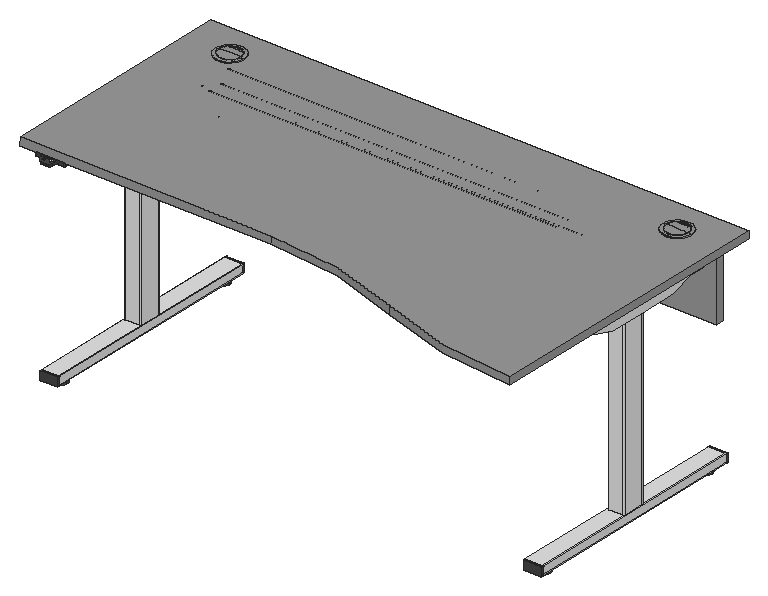
Revit family "Wave Desk with Cable Ports - RH", category Furniture, Revit 2016 (continued)
Definition of nested family "Cable Tray"
  Lines and regions (mm)
    sketch lines
      curve 156: arc (-300, 330.808, 613.5) -> (-300, 332.571, 614.073) -> (-300, 333.661, 615.573) r 3
      curve 164: line (-400, 330.808, 613.5) -> (-400, 247.192, 613.5)
      curve 165: arc (-400, 247.192, 613.5) -> (-400, 245.429, 614.073) -> (-400, 244.339, 615.573) r 3
      curve 166: line (-400, 244.339, 615.573) -> (-400, 236.24, 640.5)
      curve 167: line (-400, 333.661, 615.573) -> (-400, 341.76, 640.5)
      curve 168: arc (-400, 330.808, 613.5) -> (-400, 332.571, 614.073) -> (-400, 333.661, 615.573) r 3
      curve 176: line (-500, 330.808, 613.5) -> (-500, 247.192, 613.5)
      curve 177: arc (-500, 247.192, 613.5) -> (-500, 245.429, 614.073) -> (-500, 244.339, 615.573) r 3
      curve 178: line (-500, 244.339, 615.573) -> (-500, 236.24, 640.5)
      curve 179: line (-500, 333.661, 615.573) -> (-500, 341.76, 640.5)
      curve 180: arc (-500, 330.808, 613.5) -> (-500, 332.571, 614.073) -> (-500, 333.661, 615.573) r 3
      curve 188: line (-600, 330.808, 613.5) -> (-600, 247.192, 613.5)
      curve 189: arc (-600, 247.192, 613.5) -> (-600, 245.429, 614.073) -> (-600, 244.339, 615.573) r 3
      curve 190: line (-600, 244.339, 615.573) -> (-600, 236.24, 640.5)
      curve 191: line (-600, 333.661, 615.573) -> (-600, 341.76, 640.5)
      curve 192: arc (-600, 330.808, 613.5) -> (-600, 332.571, 614.073) -> (-600, 333.661, 615.573) r 3
      curve 200: line (-700, 330.808, 613.5) -> (-700, 247.192, 613.5)
      curve 201: arc (-700, 247.192, 613.5) -> (-700, 245.429, 614.073) -> (-700, 244.339, 615.573) r 3
      curve 202: line (-700, 244.339, 615.573) -> (-700, 236.24, 640.5)
      curve 203: line (-700, 333.661, 615.573) -> (-700, 341.76, 640.5)
      curve 204: arc (-700, 330.808, 613.5) -> (-700, 332.571, 614.073) -> (-700, 333.661, 615.573) r 3
      curve 212: line (-200, 330.808, 613.5) -> (-200, 247.192, 613.5)
      curve 213: arc (-200, 247.192, 613.5) -> (-200, 245.429, 614.073) -> (-200, 244.339, 615.573) r 3
      curve 214: line (-200, 244.339, 615.573) -> (-200, 236.24, 640.5)
      curve 215: line (-200, 333.661, 615.573) -> (-200, 341.76, 640.5)
      curve 216: arc (-200, 330.808, 613.5) -> (-200, 332.571, 614.073) -> (-200, 333.661, 615.573) r 3
    sketch lines, not visible
      curve 20: line (0, 318.719, 618.385) -> (0, 235.103, 618.385)
      curve 21: arc (0, 235.103, 618.385) -> (0, 233.34, 618.958) -> (0, 232.25, 620.458) r 3
      curve 22: line (0, 232.25, 620.458) -> (0, 224.151, 645.385)
      curve 23: line (0, 321.572, 620.458) -> (0, 329.671, 645.385)
      curve 24: arc (0, 318.719, 618.385) -> (0, 320.482, 618.958) -> (0, 321.572, 620.458) r 3
  Dimensions and locks
    equal spacing: plane 4, plane 3 "Center (Left/Right)", plane 5
    "Width": plane 4 to plane 5
    equal spacing: plane 7, plane 1 "Center (Front/Back)", plane 8
    locked: plane 7 to plane 8 at 800
    locked: plane 2 to plane 9 "Foot" at 15
    "HeightControl": plane 10 to level
    locked: plane 10 to plane 6 "Desktop Underside" at 25
    locked: plane 4 to plane 11 "Cable Tray Left" at 100
    locked: plane 12 "Cable Tray Right" to plane 5 at 100
    equal spacing: curve 3, curve 51, curve 123, curve 63, curve 75, curve 87, curve 99, curve 111, curve 27
    equal spacing: curve 39, curve 195, curve 183, curve 171, curve 159, curve 147, curve 207, curve 135, curve 3
    locked: plane 6 "Desktop Underside" to Extrusion 1 at 61.5
    locked: plane 7 to Extrusion 1 at 53.5
    locked: plane 6 "Desktop Underside" to Sweep 5 at 61.964
    locked: plane 6 "Desktop Underside" to Sweep 18 at 61.964
    locked: plane 6 "Desktop Underside" to Sweep 17 at 61.964
    locked: plane 6 "Desktop Underside" to Sweep 16 at 61.964
    locked: plane 6 "Desktop Underside" to Sweep 15 at 61.964
    locked: plane 6 "Desktop Underside" to Sweep 14 at 61.964
    locked: plane 6 "Desktop Underside" to Sweep 19 at 61.964
    locked: plane 6 "Desktop Underside" to Sweep 13 at 61.964
    locked: plane 6 "Desktop Underside" to Sweep 2 at 61.964
    locked: plane 6 "Desktop Underside" to Sweep 6 at 61.964
    locked: plane 6 "Desktop Underside" to Sweep 12 at 61.964
    locked: plane 6 "Desktop Underside" to Sweep 7 at 61.964
    locked: plane 6 "Desktop Underside" to Sweep 8 at 61.964
    locked: plane 6 "Desktop Underside" to Sweep 9 at 61.964
    locked: plane 6 "Desktop Underside" to Sweep 10 at 61.964
    locked: plane 6 "Desktop Underside" to Sweep 11 at 61.964
    locked: plane 6 "Desktop Underside" to Sweep 4 at 61.964
    locked: plane 7 to Extrusion 20 at 50.5
    locked: Extrusion 20 to plane 12 "Cable Tray Right" at 160
    locked: Extrusion 20 to Extrusion 20 at 25
    locked: Extrusion 21 to Extrusion 21 at 25
    locked: plane 11 "Cable Tray Left" to Extrusion 21 at 160
    aligned and locked: level to plane 2
    aligned and locked: Extrusion 1 to plane 12 "Cable Tray Right"
    aligned and locked: Extrusion 1 to plane 11 "Cable Tray Left"
    aligned and locked: plane 12 "Cable Tray Right" to curve 27
    aligned and locked: curve 39 to plane 11 "Cable Tray Left"
    aligned and locked: plane 6 "Desktop Underside" to Extrusion 20
  Automatic sketch dimensions
    Sweep 2 sketch curve to profile plane = 0 mm  (x2)
    Sweep 3 sketch curve to profile plane = 0 mm  (x2)
    Sweep 4 sketch curve to profile plane = 0 mm  (x2)
    Sweep 5 sketch curve to profile plane = 0 mm  (x2)
    Sweep 6 sketch curve to profile plane = 0 mm  (x2)
    Sweep 7 sketch curve to profile plane = 0 mm  (x2)
    Sweep 8 sketch curve to profile plane = 0 mm  (x2)
    Sweep 9 sketch curve to profile plane = 0 mm  (x2)
    Sweep 10 sketch curve to profile plane = 0 mm  (x2)
    Sweep 11 sketch curve to profile plane = 0 mm  (x2)
    Sweep 12 sketch curve to profile plane = 0 mm  (x2)
    Sweep 13 sketch curve to profile plane = 0 mm  (x2)
    Sweep 14 sketch curve to profile plane = 0 mm  (x2)
    Sweep 15 sketch curve to profile plane = 0 mm  (x2)
    Sweep 16 sketch curve to profile plane = 0 mm  (x2)
    Sweep 17 sketch curve to profile plane = 0 mm  (x2)
    Sweep 18 sketch curve to profile plane = 0 mm  (x2)
    Sweep 19 sketch curve to profile plane = 0 mm  (x2)
    Extrusion 1 sketch curve to plane 6 "Desktop Underside" = 61.5 mm  (x2)
    Extrusion 1 sketch curve to plane 7 = 167 mm
    Extrusion 1 sketch curve to Extrusion 1 sketch curve = 31 mm  (x2)
    Extrusion 1 sketch curve to Extrusion 1 sketch curve = 50 mm
    Extrusion 1 sketch curve to Extrusion 1 sketch curve = 30 mm  (x2)
    Extrusion 20 sketch curve to Extrusion 20 sketch curve = 0 mm  (x11)
    Extrusion 20 sketch curve to plane 6 "Desktop Underside" = 0 mm
    Extrusion 20 sketch curve to plane 6 "Desktop Underside" = 31.5 mm
    Extrusion 20 sketch curve to plane 7 = 171.565 mm
    Extrusion 20 sketch curve to Extrusion 20 sketch curve = 0.065 mm  (x2)
    Extrusion 20 sketch curve to Extrusion 20 sketch curve = 3 mm  (x4)
    Extrusion 20 sketch curve to Extrusion 20 sketch curve = 1.5 mm  (x4)
    Extrusion 20 sketch curve to Extrusion 20 sketch curve = 2.634 mm
    Extrusion 20 sketch curve to Extrusion 20 sketch curve = 0.049 mm  (x2)
    Extrusion 20 sketch curve to Extrusion 20 sketch curve = 39.801 mm
    Extrusion 20 sketch curve to Extrusion 20 sketch curve = 6 mm  (x2)
    Extrusion 20 sketch curve to Extrusion 20 sketch curve = 54.484 mm
    Extrusion 20 sketch curve to plane 6 "Desktop Underside" = 5 mm  (x2)
    Extrusion 20 sketch curve to Extrusion 20 sketch curve = 12 mm
    Extrusion 20 sketch curve to Extrusion 20 sketch curve = 36.451 mm
    Extrusion 20 sketch curve to Extrusion 20 sketch curve = 0.35 mm
    Extrusion 20 sketch curve to Extrusion 20 sketch curve = 0.016 mm
    Extrusion 20 sketch curve to plane 6 "Desktop Underside" = 56.074 mm
    Extrusion 20 sketch curve to Extrusion 20 sketch curve = 20.781 mm
    Extrusion 20 sketch curve to Extrusion 20 sketch curve = 5 mm  (x3)
    Extrusion 20 sketch curve to Extrusion 20 sketch curve = 5.426 mm
    Extrusion 20 sketch curve to Extrusion 20 sketch curve = 81.082 mm
    Extrusion 20 sketch curve to Extrusion 20 sketch curve = 3.312 mm
    Extrusion 20 sketch curve to Extrusion 20 sketch curve = 20.355 mm
    Extrusion 20 sketch curve to Extrusion 20 sketch curve = 2 mm  (x2)
    Extrusion 20 sketch curve to Extrusion 20 sketch curve = 0.293 mm  (x2)
    Extrusion 20 sketch curve to Extrusion 20 sketch curve = 3.101 mm
    Extrusion 20 sketch curve to plane 6 "Desktop Underside" = 8.101 mm
    Extrusion 20 sketch curve to Extrusion 20 sketch curve = 0.033 mm
    Extrusion 20 sketch curve to Extrusion 20 sketch curve = 1.263 mm
    Extrusion 21 sketch curve to Extrusion 21 sketch curve = 0 mm  (x11)
    Extrusion 21 sketch curve to plane 6 "Desktop Underside" = 0 mm
    Extrusion 21 sketch curve to plane 6 "Desktop Underside" = 31.5 mm
    Extrusion 21 sketch curve to plane 7 = 171.565 mm
    Extrusion 21 sketch curve to Extrusion 21 sketch curve = 0.065 mm  (x2)
    Extrusion 21 sketch curve to Extrusion 21 sketch curve = 3 mm  (x4)
    Extrusion 21 sketch curve to Extrusion 21 sketch curve = 1.5 mm  (x4)
    Extrusion 21 sketch curve to Extrusion 21 sketch curve = 2.634 mm
    Extrusion 21 sketch curve to Extrusion 21 sketch curve = 0.049 mm  (x2)
    Extrusion 21 sketch curve to Extrusion 21 sketch curve = 39.801 mm
    Extrusion 21 sketch curve to Extrusion 21 sketch curve = 6 mm  (x2)
    Extrusion 21 sketch curve to Extrusion 21 sketch curve = 54.484 mm
    Extrusion 21 sketch curve to plane 6 "Desktop Underside" = 5 mm  (x2)
    Extrusion 21 sketch curve to Extrusion 21 sketch curve = 12 mm
    Extrusion 21 sketch curve to Extrusion 21 sketch curve = 36.451 mm
    Extrusion 21 sketch curve to Extrusion 21 sketch curve = 0.35 mm
    Extrusion 21 sketch curve to Extrusion 21 sketch curve = 0.016 mm
    Extrusion 21 sketch curve to Extrusion 21 sketch curve = 3.101 mm  (x2)
    Extrusion 21 sketch curve to plane 6 "Desktop Underside" = 24.207 mm
    Extrusion 21 sketch curve to Extrusion 21 sketch curve = 7.293 mm
    Extrusion 21 sketch curve to Extrusion 21 sketch curve = 0.293 mm  (x2)
    Extrusion 21 sketch curve to Extrusion 21 sketch curve = 5 mm  (x3)
    Extrusion 21 sketch curve to Extrusion 21 sketch curve = 2 mm
    Extrusion 21 sketch curve to Extrusion 21 sketch curve = 20.355 mm
    Extrusion 21 sketch curve to Extrusion 21 sketch curve = 20.781 mm
    Extrusion 21 sketch curve to Extrusion 21 sketch curve = 5.426 mm
    Extrusion 21 sketch curve to Extrusion 21 sketch curve = 81.082 mm
    Extrusion 21 sketch curve to Extrusion 21 sketch curve = 3.312 mm
    Extrusion 21 sketch curve to Extrusion 21 sketch curve = 0.033 mm
    Extrusion 21 sketch curve to Extrusion 21 sketch curve = 1.263 mm
    radius of Sweep 2 sketch curve = 1.5 mm
    radius of Sweep 3 sketch curve = 1.5 mm
    radius of Sweep 4 sketch curve = 1.5 mm
    radius of Sweep 5 sketch curve = 1.5 mm
    radius of Sweep 6 sketch curve = 1.5 mm
    radius of Sweep 7 sketch curve = 1.5 mm
    radius of Sweep 8 sketch curve = 1.5 mm
    radius of Sweep 9 sketch curve = 1.5 mm
    radius of Sweep 10 sketch curve = 1.5 mm
    radius of Sweep 11 sketch curve = 1.5 mm
    radius of Sweep 12 sketch curve = 1.5 mm
    radius of Sweep 13 sketch curve = 1.5 mm
    radius of Sweep 14 sketch curve = 1.5 mm
    radius of Sweep 15 sketch curve = 1.5 mm
    radius of Sweep 16 sketch curve = 1.5 mm
    radius of Sweep 17 sketch curve = 1.5 mm
    radius of Sweep 18 sketch curve = 1.5 mm
    radius of Sweep 19 sketch curve = 1.5 mm
    radius of Extrusion 1 sketch curve = 1.5 mm  (x4)
Types (13, lengths in mm): name | Width | Product Code | Modesty Panel Visible | Modesty Panel | Cable Tray Visible | Cable Tray
  (no name) | 1800 | "HDLWR18P" | yes | "BTCPW18" | yes | "MECT18"
  1600 x 800 x 1000 | 1600 | "HDLWR16P" | no | "" | no | ""
  1800 x 800 x 1000 | 1800 | "HDLWR18P" | no | "" | no | ""
  1400 x 800 x 1000 | 1400 | "HDLWR14P" | no | "" | no | ""
  1800 x 800 x 1000 with Modesty Panel & Cable Tray | 1800 | "HDLWR18P" | yes | "BTCPW18" | yes | "MECT18"
  1800 x 800 x 1000 with Modesty Panel | 1800 | "HDLWR18P" | yes | "BTCPW18" | no | ""
  1800 x 800 x 1000 with Cable Tray | 1800 | "HDLWR18P" | no | "" | yes | "MECT18"
  1600 x 800 x 1000 with Modesty Panel & Cable Tray | 1600 | "HDLWR16P" | yes | "BTCPW16" | yes | "MECT16"
  1600 x 800 x 1000 with Modesty Panel | 1600 | "HDLWR16P" | yes | "BTCPW16" | no | ""
  1600 x 800 x 1000 with Cable Tray | 1600 | "HDLWR16P" | no | "" | yes | "MECT16"
  1400 x 800 x 1000 with Modesty Panel & Cable Tray | 1400 | "HDLWR14P" | yes | "BTCPW14" | yes | "MECT14"
  1400 x 800 x 1000 with Modesty Panel | 1400 | "HDLWR14P" | yes | "BTCPW14" | no | ""
  1400 x 800 x 1000 with Cable Tray | 1400 | "HDLWR14P" | no | "" | yes | "MECT14"
